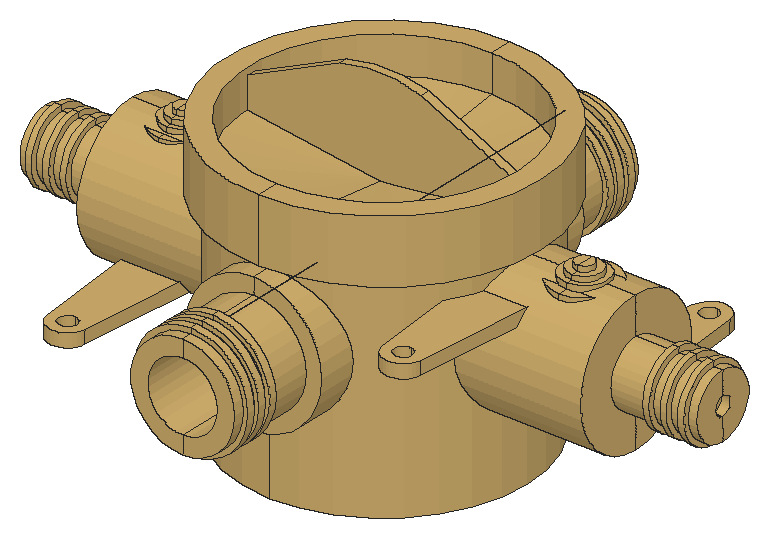
Revit family "Pressure_Balance_Rough_Valve-GROHE-35111000", category Plumbing Fixtures, host Face, Revit 2016
Family settings
  Host = Face
  Part Type = Normal
  Round Connector Dimension = Use Diameter
  OmniClass Number = 23.45.05.14.17
  OmniClass Title = Showers
  Cut with Voids When Loaded = Yes
  Shared = Yes
  Room Calculation Point = No
Parameters (values of type "GROHSAFE 3.0 - 35111000 1/2" NPT Outlet")
  Water Connection Diameter = 1/2"  # constant formula
  Waste Connection = no
  Warranty Information = ""
  WFU = 4  # constant formula
  Vent Connection = no
  URL = "www.grohe.ca"
  Type Comments = ""
  Specification = " 1/2in PEX crimp inlets; 1/2in Universal outlets; Includes plug for 3-port installation; Universal connection is 1/2” male threads by copper sweat; Flush plug included; Can be tested using flush plug with air (200 psi) or water 300 psi;Valve can be rotated 180 degrees to accommodate floor or ceiling supplies ;Made of DZR Brass; Service stops; Cartridge ships with the trim"  # constant formula
  Shower Outlet To Spout Outlet Width = 3 5/8"  # constant formula
  ScrewDriver Stop = yes
  Product Page URL = ""
  Product Documentation Link = ""
  Price = "Prices may vary. Please consult Manufacturer Representative for most up-to-date price list."  # constant formula
  Plaster Guard = yes
  Outlet to Wall = 2"
  Outlet to Outlet = 3 5/8"
  Outlet To Center = Shower Outlet To Spout Outlet Width / 2  # 1 13/16"
  Model = "35111000"  # constant formula
  Material = "DZR_Brass-Grohe"
  Manufacturer = "Grohe"  # constant formula
  Installation Type = "Wall Mounted"  # constant formula
  Inlet to Wall = 1"
  Inlet To Center = Hot Inlet To Cold Inlet Width / 2  # 2 7/16"
  Hot Inlet To Cold Inlet Width = 4 7/8"
  HWFU = 3  # constant formula
  HW Connection = yes
  Finish = DZR_Brass-Grohe
  Description = "Pressure Balance Valve Rough with Elbows - PEX Crimp with Service Stops"  # constant formula
  Dept From Wall Face To Outlet = if(Outlet to Wall < 1 3/4", 1 3/4", if(Outlet to Wall > 2 3/4", 2 3/4", Outlet to Wall))  # 2"
  Dept From Wall Face To COFC = if(Inlet to Wall < 7/8", 7/8", if(Inlet to Wall > 2", 2", Inlet to Wall))  # 1"
  Default Elevation = 0"  # constant formula
  Creation Date = "03/20/2020"  # constant formula
  Connection Size = 1/2"  # constant formula
  Connection Outlet Description = "1/2\" NPT Connection Outlet"
  Connection HW Inlet Description = "1/2” PEX Crimp Connection Inlet"
  Connection CW Inlet Description = "1/2” PEX Crimp Connection Inlet"
  CWFU = 3  # constant formula
  CW Connection = yes
  Assembly Code = "D2020300"
Types (3): name | Connection Outlet Description
  (no name) | "1/2\" NPT Connection Outlet"
  GROHSAFE 3.0 - 35111000 1/2" Copper Sweat Outlet | "1/2\" Copper Sweat Connection Outlet"
  GROHSAFE 3.0 - 35111000 1/2" NPT Outlet | "1/2\" NPT Connection Outlet"
Reference planes (in)
  plane 1 "Center (Front/Back)": y = -0.625
  plane 2: z = 0
  plane 3 "Center (Left/Right)": x = 0
  plane 4: z = -0.45494
  plane 5: y = -0.59375
  plane 6: y = -0.65625
  plane 7: y = -2.4375
  plane 8: y = 1.1875
  plane 9: z = -2
  plane 10: z = -1
  plane 11: x = 1.03125
  plane 12: x = -1.03125
  plane 13: x = 2.4375
  plane 14: x = -2.4375
  plane 15: z = -1.27344
  plane 16: x = -2
  plane 17: x = 3.25
  plane 18: x = -2.34727
  plane 19: x = -2.4375
  plane 20: x = 2.4375
  plane 21: x = 2
Forms (in)
  Extrusion 1, solid
    sketch origin (0, 0, 0) x (1, 0, 0) y (0, 1, 0)
      loop
        line (-0.12634, -0.50696) -> (-0.12634, -0.76768) -> (0.16418, -0.76768) -> (0.16418, -0.50696) -> (-0.12634, -0.50696)
    from -0.69087 to -0.7969
  Revolve 2, solid, material "DZR_Brass-Grohe"
    sketch origin (0, 0, 0) x (0, 1, 0) y (0, 0, 1)
      loop
        line (0.40625, -2) -> (0.40625, -0.45494) -> (0.5046, -0.45494) -> (0.5046, 0) -> (0.34375, 0) -> (0.34375, -0.26863) -> (-0.625, -0.39363) -> (-0.625, -0.51744) -> (0.34375, -0.51744) -> (0.34375, -1.9375) -> (-0.625, -1.9375) -> (-0.625, -2) -> (0.40625, -2)
      axis (-0.625, 0) -> (-0.625, -2)
    angle from 0 to 360
  Extrusion 3, solid, material "DZR_Brass-Grohe"
    sketch origin (0, 1.1875, -0.69922) x (0, 1, 0) y (-1, 0, 0)
      loop
        line (-0.63558, 1.20343) -> (-1.8125, 1.31847) -> (-1.8125, 0.81724) -> (-0.63558, 0.93227)
        arc (-0.63558, 0.93227) -> (-0.5126, 1.06785) -> (-0.63558, 1.20343) r 0.13623
      loop
        circle (-0.64883, 1.06785) r 0.06518
      loop
        line (-2.98942, -1.20343) -> (-1.8125, -1.31847) -> (-1.8125, -0.81724) -> (-2.98942, -0.93227)
        arc (-2.98942, -0.93227) -> (-3.1124, -1.06785) -> (-2.98942, -1.20343) r 0.13623
      loop
        circle (-2.97617, -1.06785) r 0.06518
    from -0.01953 to 0.07575
  Extrusion 4, solid, material "DZR_Brass-Grohe", visible <- "Plaster Guard"
    sketch origin (0, -5.06165, -1.98606) x (0, -1, 0) y (1, 0, 0)
      loop
        arc (-3.25973, -1.48468) -> (-3.13676, -1.3491) -> (-3.25973, -1.21352) r 0.13623
        line (-3.25973, -1.21352) -> (-4.43665, -1.09849) -> (-4.43665, -1.59972) -> (-3.25973, -1.48468)
      loop
        circle (-3.27298, -1.3491) r 0.06518
      loop
        arc (-5.61357, 1.54718) -> (-5.73655, 1.4116) -> (-5.61357, 1.27602) r 0.13623
        line (-5.61357, 1.27602) -> (-4.43665, 1.16099) -> (-4.43665, 1.66222) -> (-5.61357, 1.54718)
      loop
        circle (-5.60032, 1.4116) r 0.06518
    from 0.61857 to 0.71262
  Extrusion 5, solid, material "DZR_Brass-Grohe"
    sketch origin (0, -0.625, 0) x (1, 0, 0) y (0, 0, 1)
      loop
        line (1.06785, -0.45494) -> (1.06785, -0.09479) -> (0.29629, 0.26499)
        arc (0.29629, 0.26499) -> (0, 0.30738) -> (-0.29629, 0.26499) r 1.05669
        line (-0.29629, 0.26499) -> (-1.06785, -0.09479) -> (-1.06785, -0.45494) -> (1.06785, -0.45494)
    from -0.03125 to 0.03125
  Revolve 6, solid, material "DZR_Brass-Grohe", visible <- "ScrewDriver Stop"
    sketch origin (-1.44285, -0.65886, 48.30811) x (0, -1, 0) y (0, 0, 1)
      loop
        line (-0.03386, -48.93159) -> (0.19474, -48.93159) -> (0.19474, -48.84071) -> (0.12322, -48.84071) -> (0.12322, -48.80071) -> (0.07947, -48.80071) -> (0.07947, -48.76585) -> (0.03078, -48.76585) -> (0.03078, -48.7303) -> (-0.03386, -48.7303) -> (-0.03386, -48.93159)
      axis (-0.03386, -48.93159) -> (-0.03386, -48.7303)
    angle from 0 to 360
  Revolve 7, solid, material "DZR_Brass-Grohe", visible <- "ScrewDriver Stop"
    sketch origin (1.44285, 2.2913, 48) x (0, 1, 0) y (0, 0, 1)
      loop
        line (-2.9163, -48.62347) -> (-2.9163, -48.41325) -> (-2.98094, -48.41325) -> (-2.98094, -48.4488) -> (-3.03483, -48.4488) -> (-3.03483, -48.48367) -> (-3.07858, -48.48367) -> (-3.07858, -48.52367) -> (-3.1501, -48.52367) -> (-3.1501, -48.62347) -> (-2.9163, -48.62347)
      axis (-2.9163, -48.62347) -> (-2.9163, -48.41325)
    angle from 0 to 360
  Revolve 8, solid, material "DZR_Brass-Grohe"
    sketch origin (0, -0.625, 0) x (1, 0, 0) y (0, 0, 1)
      loop
        line (1.8125, -0.5) -> (-1.8125, -0.5) -> (-1.8125, -0.76878) -> (-2.07702, -0.76878) -> (-2.07702, -0.73183) -> (-2.12157, -0.73183) -> (-2.12157, -0.76878) -> (-2.20245, -0.76878) -> (-2.20245, -0.73183) -> (-2.247, -0.73183) -> (-2.247, -0.76878) -> (-2.32672, -0.76878) -> (-2.32672, -0.73183) -> (-2.37126, -0.73183) -> (-2.37126, -0.76878) -> (-2.4375, -0.76878) -> (-2.4375, -0.93199) -> (-2.37126, -0.93199) -> (-2.37126, -0.96394) -> (-2.32672, -0.96394) -> (-2.32672, -0.93199) -> (-2.247, -0.93199) -> (-2.247, -0.96394) -> (-2.20245, -0.96394) -> (-2.20245, -0.93199) -> (-2.12157, -0.93199) -> (-2.12157, -0.96394) -> (-2.07702, -0.96394) -> (-2.07702, -0.93199) -> (-1.8125, -0.93199) -> (-1.8125, -0.86856) -> (1.8125, -0.86856) -> (1.8125, -0.93199) -> (2.07702, -0.93199) -> (2.07702, -0.96394) -> (2.12157, -0.96394) -> (2.12157, -0.93199) -> (2.20245, -0.93199) -> (2.20245, -0.96394) -> (2.247, -0.96394) -> (2.247, -0.93199) -> (2.32672, -0.93199) -> (2.32672, -0.96394) -> (2.37126, -0.96394) -> (2.37126, -0.93199) -> (2.4375, -0.93199) -> (2.4375, -0.76878) -> (2.37126, -0.76878) -> (2.37126, -0.73183) -> (2.32672, -0.73183) -> (2.32672, -0.76878) -> (2.247, -0.76878) -> (2.247, -0.73183) -> (2.20245, -0.73183) -> (2.20245, -0.76878) -> (2.12157, -0.76878) -> (2.12157, -0.73183) -> (2.07702, -0.73183) -> (2.07702, -0.76878) -> (1.8125, -0.76878) -> (1.8125, -0.5)
      axis (-2.4375, -1) -> (2.4375, -1)
    angle from 0 to 360
  Revolve 9, solid, material "DZR_Brass-Grohe"
    sketch origin (0, -0.625, 0) x (0, 1, 0) y (0, 0, 1)
      loop
        line (1.8125, -0.75) -> (1.8125, -0.625) -> (1.7402, -0.625) -> (1.7402, -0.58823) -> (1.68594, -0.58823) -> (1.68594, -0.625) -> (1.64471, -0.625) -> (1.64471, -0.58823) -> (1.59045, -0.58823) -> (1.59045, -0.625) -> (1.54824, -0.625) -> (1.54824, -0.58823) -> (1.49398, -0.58823) -> (1.49398, -0.625) -> (1.17692, -0.625) -> (1.17692, -0.50765) -> (-1.17692, -0.50765) -> (-1.17692, -0.625) -> (-1.49398, -0.625) -> (-1.49398, -0.58823) -> (-1.54824, -0.58823) -> (-1.54824, -0.625) -> (-1.59045, -0.625) -> (-1.59045, -0.58823) -> (-1.64471, -0.58823) -> (-1.64471, -0.625) -> (-1.68594, -0.625) -> (-1.68594, -0.58823) -> (-1.7402, -0.58823) -> (-1.7402, -0.625) -> (-1.8125, -0.625) -> (-1.8125, -0.75) -> (1.8125, -0.75)
      axis (1.8125, -1) -> (-1.8125, -1)
    angle from 0 to 360
  Extrusion 10, void
    sketch origin (0, 1.1875, -0.72266) x (0, 1, 0) y (-1, 0, 0)
      loop
        circle (-1.8125, 0) r 2
    from -2.58468 to 0.72266
Cuts and joins
  joined: Extrusion 3, Extrusion 5
Lines and regions (in)
  Masking region 1
    outline origin (0, 0, 0) x (0, 1, 0) y (0, 0, 1)
      loop
        line (0.5046, 0) -> (-0.59375, 0) -> (-0.59375, 0.30738) -> (-0.65625, 0.30738) -> (-0.65625, 0) -> (-1.7546, 0) -> (-1.7546, -0.45494) -> (-1.65625, -0.45494) -> (-1.65625, -0.50765) -> (-1.80192, -0.50765) -> (-1.80192, -0.57895) -> (-2.4375, -0.57895) -> (-2.4375, -1.42105) -> (-1.80192, -1.42105) -> (-1.80192, -1.49235) -> (-1.65625, -1.49235) -> (-1.65625, -2) -> (0.40625, -2) -> (0.40625, -1.49235) -> (0.55192, -1.49235) -> (0.55192, -1.42105) -> (1.1875, -1.42105) -> (1.1875, -0.75258) -> (1.1875, -0.57895) -> (0.55192, -0.57895) -> (0.55192, -0.50765) -> (0.40625, -0.50765) -> (0.40625, -0.45494) -> (0.5046, -0.45494) -> (0.5046, 0)
  Masking region 2
    outline origin (0, -0.625, 0) x (1, 0, 0) y (0, 0, 1)
      loop
        arc (0.29629, 0.26499) -> (0, 0.30738) -> (-0.29629, 0.26499) r 1.05669
        line (-0.29629, 0.26499) -> (-0.86457, 0) -> (-1.1296, 0) -> (-1.1296, -0.45494) -> (-1.03125, -0.45494) -> (-1.03125, -0.50027) -> (-1.23806, -0.50027) -> (-1.23806, -0.36738) -> (-1.63583, -0.36738) -> (-1.63583, -0.50027) -> (-1.8125, -0.50027) -> (-1.8125, -0.73124) -> (-2.4375, -0.73124) -> (-2.4375, -1.26876) -> (-1.8125, -1.26876) -> (-1.8125, -1.49973) -> (-1.03125, -1.49973) -> (-1.03125, -2) -> (1.03125, -2) -> (1.03125, -1.49973) -> (1.8125, -1.49973) -> (1.8125, -1.26876) -> (2.4375, -1.26876) -> (2.4375, -0.73124) -> (1.8125, -0.73124) -> (1.8125, -0.50027) -> (1.63583, -0.50027) -> (1.63583, -0.36738) -> (1.23806, -0.36738) -> (1.23806, -0.50027) -> (1.03125, -0.50027) -> (1.03125, -0.45494) -> (1.1296, -0.45494) -> (1.1296, 0) -> (0.86457, 0) -> (0.29629, 0.26499)
  symbolic lines, detail levels fine
    curve 1: line (0.86457, -0.625, 0) -> (-0.86457, -0.625, 0)
    curve 2: line (1.1296, -0.625, -0.45494) -> (0, -0.625, -0.45494)
    curve 3: line (0, -0.625, -0.45494) -> (-1.1296, -0.625, -0.45494)
    curve 4: circle (0, -0.625, -1) r 0.3125 normal (0, -1, 0)
    curve 5: circle (0, -0.625, -1) r 0.25 normal (0, -1, 0)
    curve 6: circle (0, -0.625, -1) r 0.375 normal (0, -1, 0)
    curve 7: line (0, 0.5046, -0.45494) -> (0, -1.7546, -0.45494)
    curve 8: circle (0, -0.625, -1) r 0.41541 normal (-1, 0, 0)
    curve 9: circle (0, -0.625, -1) r 0.25 normal (-1, 0, 0)
    curve 10: circle (0, -0.625, -1) r 0.5 normal (-1, 0, 0)
    curve 11: circle (0, -0.625, -1) r 0.3125 normal (-1, 0, 0)
    curve 12: line (1.8125, -0.625, -0.5) -> (1.8125, -0.625, -1.5)
    curve 13: line (-1.8125, -0.625, -0.73124) -> (-1.8125, -0.625, -1.26876)
Dimensions and locks (in)
  locked: Revolve 2 sketch curve to Revolve 2 sketch curve at 0.0625
  locked: cut or joined group of Extrusion 3, Extrusion 5 to cut or joined group of Extrusion 3, Extrusion 5 at 0.09528
  locked: Extrusion 4 to Extrusion 4 at 0.09405
  plane 4 to level = 0.45494"
  Revolve 7 sketch curve to Revolve 7 sketch curve to Revolve 7 sketch curve to Revolve 7 sketch curve to Revolve 7 sketch curve = 0.03555" locked, 0.03486" locked, 0.04" locked, 0.0998" locked
  Revolve 7 sketch curve to Revolve 7 sketch curve to Revolve 7 sketch curve to Revolve 7 sketch curve to Revolve 7 sketch curve = 0.06464" locked, 0.0539" locked, 0.04375" locked, 0.07151" locked
  Revolve 2 sketch curve to Revolve 2 sketch curve to Revolve 2 sketch curve to plane 1 "Center (Front/Back)" = 0.09835" locked, 1/16" locked, 31/32" locked
  Revolve 2 sketch curve to Revolve 2 sketch curve to Revolve 2 sketch curve = 1/16" locked, 0.45494"
  "Dept From Wall Face To Outlet": level to plane 9
  "Dept From Wall Face To COFC": level to plane 10
  level to plane 10 = 1"
  plane 6 to plane 7 = 1 25/32"
  Extrusion 4 to Extrusion 4 = 0.09405"
  Revolve 7 sketch curve to Revolve 7 sketch curve = 0.21022"
  plane 10 to plane 15 = 35/128"  (x2)
  locked: cut or joined group of Extrusion 3, Extrusion 5 to plane 10 at 0.28125
  equal spacing: Revolve 9 sketch curve, plane 1 "Center (Front/Back)", Revolve 9 sketch curve
  Revolve 9 sketch curve to Revolve 9 sketch curve to Revolve 9 sketch curve = 1/8" locked, 0.11735" locked
  Revolve 6 sketch curve to Revolve 6 sketch curve to Revolve 6 sketch curve to Revolve 6 sketch curve = 0.03555" locked, 0.03486" locked, 0.04" locked
  Revolve 6 sketch curve to Revolve 6 sketch curve to Revolve 6 sketch curve to Revolve 6 sketch curve to Revolve 6 sketch curve = 0.06464" locked, 0.04869", 0.04375" locked, 0.07151" locked
  locked: plane 18 to plane 16 at 0.34727
  equal spacing: plane 19, plane 3 "Center (Left/Right)", plane 20
  "Inlet To Center": plane 19 to plane 3 "Center (Left/Right)"
  locked: plane 19 to plane 16 at 0.4375
  locked: plane 20 to plane 21 at 0.4375
  plane 19 to plane 20 = 4 7/8"
  Revolve 8 sketch curve to Revolve 8 sketch curve to Revolve 8 sketch curve to Revolve 8 sketch curve to Revolve 8 sketch curve = 0.12426" locked, 0.04455" locked, 0.08089" locked, 0.04455" locked  (x2)
  Revolve 9 sketch curve to Revolve 9 sketch curve to Revolve 9 sketch curve to Revolve 9 sketch curve to Revolve 9 sketch curve to Revolve 9 sketch curve = 0.05426" locked, 0.04123" locked, 0.05426" locked, 0.04221" locked, 0.05426"  (x2)
  "Outlet to Outlet": plane 8 to plane 7
  equal spacing: plane 8, plane 1 "Center (Front/Back)", plane 7
  aligned and locked: plane 1 "Center (Front/Back)" to Revolve 2 sketch curve
  aligned and locked: Revolve 2 sketch curve to plane 1 "Center (Front/Back)"  (x2)
  aligned and locked: plane 1 "Center (Front/Back)" to Extrusion 3 sketch curve
  aligned and locked: Extrusion 5 to plane 5
  aligned and locked: Revolve 2 sketch curve to Revolve 2 sketch curve
  aligned and locked: Revolve 2 to curve 1
  aligned and locked: plane 10 to Revolve 8 sketch curve
  aligned and locked: Revolve 9 sketch curve to plane 10
  aligned and locked: Revolve 2 sketch curve to plane 9
  aligned and locked: plane 4 to Revolve 2 sketch curve
  aligned and locked: Extrusion 4 to plane 15
  aligned and locked: level to Extrusion 10
  aligned and locked: curve 5 to Revolve 9
  aligned and locked: curve 6 to Revolve 9
  aligned and locked: Masking region 1 sketch curve to Revolve 2  (x7)
  aligned and locked: Masking region 1 sketch curve to Revolve 9
  aligned and locked: curve 7 to Revolve 2
  aligned and locked: curve 10 to Revolve 8
  aligned and locked: Revolve 9 sketch curve to Revolve 9 sketch curve
  aligned and locked: Revolve 7 sketch curve to cut or joined group of Extrusion 3, Extrusion 5
  aligned and locked: Masking region 2 sketch curve to cut or joined group of Extrusion 3, Extrusion 5  (x2)
  aligned and locked: cut or joined group of Extrusion 3, Extrusion 5 to Masking region 2 sketch curve
  aligned and locked: Revolve 8 to Masking region 2 sketch curve
  aligned and locked: Masking region 2 sketch curve to Revolve 2
  aligned and locked: curve 12 to Revolve 8
  aligned and locked: plane 19 to Revolve 8 sketch curve
  aligned and locked: Revolve 8 sketch curve to Revolve 8 sketch curve  (x12)
  aligned and locked: plane 20 to Revolve 8 sketch curve
  aligned and locked: Masking region 2 sketch curve to plane 20
  aligned and locked: Masking region 2 sketch curve to plane 19
  aligned and locked: Revolve 9 sketch curve to plane 8
  aligned and locked: plane 7 to Revolve 9 sketch curve
  aligned and locked: plane 7 to Masking region 1 sketch curve
Automatic sketch dimensions
  Extrusion 1 sketch curve to Extrusion 1 sketch curve = 0.29052"
  Extrusion 1 sketch curve to Extrusion 1 sketch curve = 0.26072"
  Extrusion 3 sketch curve to Extrusion 3 sketch curve = 0"  (x4)
  plane 1 "Center (Front/Back)" to Extrusion 3 sketch curve = 0"
  Extrusion 3 sketch curve to plane 11 = 0.0366"
  plane 7 to Extrusion 3 sketch curve = 0.64883"
  Extrusion 3 sketch curve to plane 11 = 0.17218"
  Extrusion 3 sketch curve to Extrusion 3 sketch curve = 0.01325"  (x2)
  plane 11 to Extrusion 3 sketch curve = 0.09898"
  plane 12 to Extrusion 3 sketch curve = 0.0366"
  Extrusion 3 sketch curve to plane 8 = 0.64883"
  plane 12 to Extrusion 3 sketch curve = 0.17218"
  Extrusion 3 sketch curve to plane 12 = 0.09898"
  Extrusion 3 sketch curve to plane 11 = 0.28722"
  plane 11 to Extrusion 3 sketch curve = 0.21401"
  Extrusion 3 sketch curve to plane 12 = 0.21401"
  plane 12 to Extrusion 3 sketch curve = 0.28722"
  Extrusion 4 sketch curve to Extrusion 4 sketch curve = 0"  (x4)
  plane 1 "Center (Front/Back)" to Extrusion 4 sketch curve = 0"  (x2)
  Extrusion 4 sketch curve to plane 8 = 0.64883"
  Extrusion 4 sketch curve to Extrusion 4 sketch curve = 0.01325"  (x4)
  Extrusion 4 sketch curve to plane 11 = 0.24477"
  plane 12 to Extrusion 4 sketch curve = 0.31785"
  plane 7 to Extrusion 4 sketch curve = 0.64883"
  plane 12 to Extrusion 4 sketch curve = 0.18227"
  plane 12 to Extrusion 4 sketch curve = 0.56847"
  plane 12 to Extrusion 4 sketch curve = 0.06724"
  Extrusion 4 sketch curve to plane 11 = 0.12974"
  Extrusion 4 sketch curve to Extrusion 4 sketch curve = 0.13558"
  Extrusion 4 sketch curve to Extrusion 4 sketch curve = 0.50123"
  plane 1 "Center (Front/Back)" to Extrusion 10 sketch curve = 0"
  Extrusion 10 sketch curve to plane 3 "Center (Left/Right)" = 0"
  curve 8 to curve 9 = 0"  (x2)
  curve 8 to curve 10 = 0"  (x2)
  curve 8 to curve 11 = 0"  (x2)
  plane 7 to curve 7 = 0.6829"
  curve 7 to plane 8 = 0.6829"
  curve 4 to curve 5 = 0"  (x2)
  curve 3 to plane 4 = 0"
  curve 1 to level = 0"
  curve 2 to plane 3 "Center (Left/Right)" = 0"
  curve 1 to plane 12 = 0.16668"
  plane 12 to curve 3 = 0.09835"
  plane 11 to curve 1 = 0.16668"
  curve 2 to plane 11 = 0.09835"
  curve 12 to plane 15 = 29/128"
  curve 12 to plane 4 = 0.04506"
  plane 4 to Revolve 2 sketch curve = 0.06131"
  plane 4 to Revolve 2 sketch curve = 0.18631"
  level to Revolve 2 sketch curve = 0.24949"
  Revolve 2 sketch curve to Revolve 2 sketch curve = 0.17262"
  Extrusion 5 sketch curve to plane 4 = 0"
  Extrusion 5 sketch curve to plane 3 "Center (Left/Right)" = 0"
  Extrusion 5 sketch curve to plane 3 "Center (Left/Right)" = 0.29629"
  plane 12 to Extrusion 5 sketch curve = 0.0366"
  plane 3 "Center (Left/Right)" to Extrusion 5 sketch curve = 0.29629"
  Extrusion 5 sketch curve to plane 11 = 0.0366"
  plane 10 to Extrusion 5 sketch curve = 0.25069"
  Extrusion 5 sketch curve to level = 0.09479"  (x2)
  level to Extrusion 5 sketch curve = 0.26499"
  Revolve 6 sketch curve to plane 1 "Center (Front/Back)" = 0"  (x2)
  Revolve 6 sketch curve to plane 4 = 0.16854"
  Revolve 6 sketch curve to plane 4 = 0.07766"
  Revolve 6 sketch curve to level = 0.16986"
  Revolve 6 sketch curve to Revolve 6 sketch curve = 0.0443"
  Revolve 7 sketch curve to plane 1 "Center (Front/Back)" = 0"  (x2)
  Revolve 7 sketch curve to plane 4 = 0.02304"
  Revolve 7 sketch curve to Revolve 7 sketch curve = 0.02042"
  plane 18 to Revolve 8 sketch curve = 0.02399"
  Revolve 8 sketch curve to plane 18 = 0.02055"
  plane 10 to Revolve 8 sketch curve = 0.06801"  (x3)
  Revolve 8 sketch curve to plane 16 = 3/16"
  Revolve 8 sketch curve to Revolve 8 sketch curve = 0"  (x7)
  Revolve 8 sketch curve to plane 4 = 0.04506"
  Revolve 8 sketch curve to plane 21 = 3/16"
  plane 21 to Revolve 8 sketch curve = 0.07702"
  Revolve 8 sketch curve to Revolve 8 sketch curve = 0.04455"
  plane 10 to Revolve 8 sketch curve = 0.03606"  (x5)
  Revolve 8 sketch curve to Revolve 8 sketch curve = 0.03195"  (x6)
  Revolve 8 sketch curve to Revolve 8 sketch curve = 0.06342"
  Revolve 8 sketch curve to Revolve 8 sketch curve = 0.16321"  (x2)
  Revolve 8 sketch curve to Revolve 8 sketch curve = 0.09978"
  Revolve 8 sketch curve to Revolve 8 sketch curve = 0.03695"  (x6)
  plane 14 to Revolve 8 sketch curve = 0.01756"
  plane 16 to Revolve 8 sketch curve = 0.01605"
  Masking region 2 sketch curve to plane 4 = 0"  (x2)
  Masking region 2 sketch curve to level = 0"  (x2)
  plane 12 to Masking region 2 sketch curve = 0"  (x2)
  plane 11 to Masking region 2 sketch curve = 0"  (x2)
  Masking region 2 sketch curve to plane 16 = 3/16"  (x2)
  plane 15 to Masking region 2 sketch curve = 0.00468"  (x2)
  Masking region 2 sketch curve to plane 4 = 0.04533"  (x3)
  Masking region 2 sketch curve to Masking region 2 sketch curve = 0.17667"  (x2)
  plane 4 to Masking region 2 sketch curve = 0.08756"  (x2)
  plane 12 to Masking region 2 sketch curve = 0.20681"
  plane 12 to Masking region 2 sketch curve = 0.09835"
  Masking region 2 sketch curve to plane 11 = 0.09835"
  Masking region 2 sketch curve to Masking region 2 sketch curve = 0.10847"
  Masking region 2 sketch curve to plane 21 = 3/16"
  Masking region 2 sketch curve to plane 15 = 0.2263"  (x2)
  plane 10 to Masking region 2 sketch curve = 0.26876"  (x2)
  Masking region 2 sketch curve to Masking region 2 sketch curve = 0.04533"
  plane 15 to curve 13 = 0.00468"
  curve 13 to plane 16 = 3/16"
  plane 10 to curve 13 = 0.26876"
  plane 7 to Revolve 9 sketch curve = 0.0723"
  Revolve 9 sketch curve to plane 4 = 0.05272"
  Revolve 9 sketch curve to Revolve 9 sketch curve = 0.31705"
  Revolve 9 sketch curve to plane 4 = 0.13329"
  Revolve 9 sketch curve to plane 8 = 0.31852"
  Revolve 9 sketch curve to Revolve 9 sketch curve = 1/8"
  Revolve 9 sketch curve to Revolve 9 sketch curve = 0"  (x4)
  Revolve 9 sketch curve to Revolve 9 sketch curve = 0.11735"
  Revolve 9 sketch curve to Revolve 9 sketch curve = 0.03677"  (x5)
  Revolve 9 sketch curve to plane 7 = 0.01756"
  Revolve 9 sketch curve to Revolve 9 sketch curve = 0.44748"
  Masking region 1 sketch curve to plane 6 = 0"
  Masking region 1 sketch curve to plane 5 = 0"
  Masking region 1 sketch curve to plane 4 = 0"
  Masking region 1 sketch curve to level = 0"
  Masking region 1 sketch curve to Masking region 1 sketch curve = 0.04732"  (x2)
  Masking region 1 sketch curve to Masking region 1 sketch curve = 0.14567"  (x2)
  Masking region 1 sketch curve to plane 8 = 25/32"
  Masking region 1 sketch curve to plane 15 = 0.21891"  (x2)
  Masking region 1 sketch curve to Masking region 1 sketch curve = 0.07129"  (x3)
  plane 10 to Masking region 1 sketch curve = 0.24742"
  Masking region 1 sketch curve to plane 4 = 0.12401"
  Masking region 1 sketch curve to plane 4 = 0.05272"  (x2)
  Masking region 1 sketch curve to Masking region 1 sketch curve = 0.30738"
  Masking region 1 sketch curve to Masking region 1 sketch curve = 0.63558"
  radius of Extrusion 3 sketch curve = 0.06518"  (x2)
  radius of Extrusion 4 sketch curve = 0.06518"  (x2)
  radius of Extrusion 10 sketch curve = 2"
  radius of curve 8 = 0.41541"
  radius of curve 9 = 1/4"
  radius of curve 11 = 5/16"
  radius of curve 4 = 5/16"
Connectors (in)
  piping at (0, -2.4375, -1), diameter 0.5, driven by "Connection Outlet Description", driven by "Connection Size"
    settings: on Revolve 9, index 1, connector inside diameter 24", connector length 0", flow factor 0, pipe flow 0 GPM, pressure drop 0.00 psi, fitting loss kfactor 0, connector angle 0.00°, fixture units 0, engagement length 0", angle of deflection 0.00°, flow configuration 2, flow direction 2, fitting loss method 0, system type 7, joint type 0, gender type 0, connector reference index -1, connector utility 0, adjustable connector no, is connector primary yes, connector description "1/2\" NPT Connection Outlet"
  piping at (0, 1.1875, -1), diameter 0.5, driven by "Connection Outlet Description", driven by "Connection Size"
    settings: on Revolve 9, index 2, connector inside diameter 24", connector length 0", flow factor 0, pipe flow 0 GPM, pressure drop 0.00 psi, fitting loss kfactor 0, connector angle 0.00°, fixture units 0, engagement length 0", angle of deflection 0.00°, flow configuration 2, flow direction 2, fitting loss method 0, system type 7, joint type 0, gender type 0, connector reference index -1, connector utility 0, adjustable connector no, is connector primary no, connector description "1/2\" NPT Connection Outlet"
  piping at (-2.4375, -0.625, -1), diameter 0.5, driven by "Connection HW Inlet Description", driven by "Connection Size"
    settings: on Revolve 8, index 3, connector inside diameter 24", connector length 0", flow factor 0, pipe flow 0 GPM, pressure drop 0.00 psi, fitting loss kfactor 0, connector angle 0.00°, fixture units 0, engagement length 0", angle of deflection 0.00°, flow configuration 2, flow direction 1, fitting loss method 0, system type 19, joint type 0, gender type 0, connector reference index -1, connector utility 0, adjustable connector no, is connector primary no, connector description "1/2” PEX Crimp Connection Inlet"
  piping at (2.4375, -0.625, -1), diameter 0.5, driven by "Connection CW Inlet Description", driven by "Connection Size"
    settings: on Revolve 8, index 4, connector inside diameter 24", connector length 0", flow factor 0, pipe flow 0 GPM, pressure drop 0.00 psi, fitting loss kfactor 0, connector angle 0.00°, fixture units 0, engagement length 0", angle of deflection 0.00°, flow configuration 2, flow direction 1, fitting loss method 0, system type 20, joint type 0, gender type 0, connector reference index -1, connector utility 0, adjustable connector no, is connector primary no, connector description "1/2” PEX Crimp Connection Inlet"
